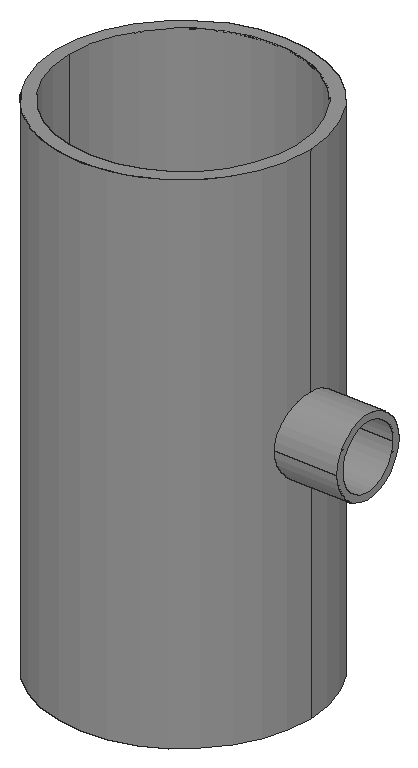
Revit family "MI-600-50", category Plumbing Fixtures, Revit 2013
Parameters (values of type "MI-602-50")
  URL = "www.mifab.com"
  PIPE SIZE = 2' - 0"
  Model = "MI-600-50"
  Manufacturer = "Mifab"
  INSIDE DIAMETER = (PIPE SIZE - 0' 2 51/128")  # 1' - 9 77/128"
  END OF TAPPING = PIPE SIZE + 0' 10 205/256"  # 2' - 10 205/256"
  Description = "Trap Seal Primer Adaptor"
  Body material = Iron, Cast
Types (4): name | PIPE SIZE | Model | INSIDE DIAMETER | END OF TAPPING
  (no name) | 2' - 0" | "MI-600-50" | 1' - 9 77/128" | 2' - 10 205/256"
  MI-602-50 | 2' - 0" | "MI-600-50" | 1' - 9 77/128" | 2' - 10 205/256"
  MI-603-50 | 3' - 0" | "MI-650-50" | 2' - 9 77/128" | 3' - 10 205/256"
  MI-604-50 | 4' - 0" | "MI-650-50" | 3' - 9 77/128" | 4' - 10 205/256"
Reference planes (in)
  plane 1 "Center (Front/Back)": y = 0
  plane 2: z = 0
  plane 3 "Center (Left/Right)": x = 0
  plane 4: z = -96
Forms (in)
  Extrusion 1, solid, material "Iron, Cast" <- "Body material"
    sketch origin (0, 0, 0) x (1, 0, 0) y (0, 1, 0)
      loop
        circle (0, 0) r 24
      loop
        circle (0, 0) r 21.60156
    from 0 to -96
  Extrusion 2, solid, material "Iron, Cast" <- "Body material"
    sketch origin (0, 0, 0) x (0, 1, 0) y (0, 0, 1)
      loop
        circle (0, -48) r 7.2
      loop
        circle (0, -48) r 6
    from 17.97559 to 34.80078
  Extrusion 3, void
    sketch origin (0, 0, 0) x (0, 1, 0) y (0, 0, 1)
      loop
        circle (0, -48) r 6
    from 0 to 34.80078
  Extrusion 4, void
    sketch origin (0, 0, 0) x (1, 0, 0) y (0, 1, 0)
      loop
        circle (0, 0) r 21.60156
    from -74.51891 to 12
Cuts and joins
  Extrusion 3 cuts Extrusion 1
  Extrusion 4 cuts Extrusion 2
  joined: Extrusion 1, Extrusion 2
Dimensions and locks (in)
  locked: plane 4 to plane 2 at 96
  equal spacing: plane 2, Extrusion 2 sketch curve, plane 4, locked at 48 each
  equal spacing: plane 2, Extrusion 3 sketch curve, plane 4, locked at 48 each
  "END OF TAPPING": plane 3 "Center (Left/Right)" to Extrusion 2
  locked: Extrusion 2 to Extrusion 2 at 16.82519
  "PIPE SIZE": radius of Extrusion 1 sketch curve
  "INSIDE DIAMETER": radius of Extrusion 1 sketch curve
  "INSIDE DIAMETER": radius of Extrusion 4 sketch curve
  aligned and locked: level to plane 2
  aligned and locked: plane 3 "Center (Left/Right)" to Extrusion 1 sketch curve  (x2)
  aligned and locked: plane 1 "Center (Front/Back)" to Extrusion 1 sketch curve  (x2)
  aligned and locked: Extrusion 1 to plane 4
  aligned and locked: Extrusion 2 sketch curve to plane 1 "Center (Front/Back)"  (x2)
  aligned and locked: Extrusion 3 sketch curve to plane 1 "Center (Front/Back)"
  aligned and locked: Extrusion 2 to Extrusion 3
Automatic sketch dimensions
  Extrusion 2 sketch curve to Extrusion 2 sketch curve = 0' - 0"
  Extrusion 4 sketch curve to plane 3 "Center (Left/Right)" = 0' - 0"
  plane 1 "Center (Front/Back)" to Extrusion 4 sketch curve = 0' - 0"
  radius of Extrusion 2 sketch curve = 0' - 7.2"
  radius of Extrusion 2 sketch curve = 0' - 6"
  radius of Extrusion 3 sketch curve = 0' - 6"
